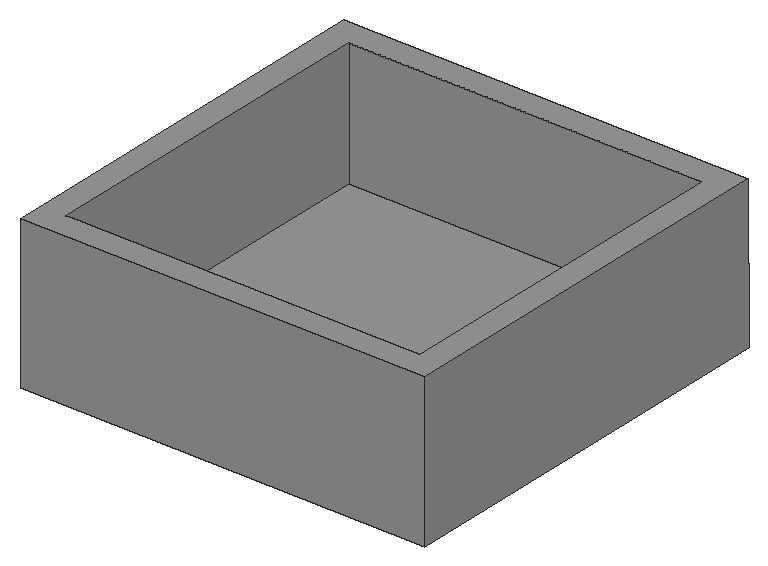
Revit family "Mop_Sink-Willoughby-WMS-323212", category Plumbing Fixtures, Revit 2015
Parameters (values of type "323212")
  Width = 2' - 8"
  Waste DIA = 1 1/2"
  Waste Connection = yes
  Void Width/Depth = Width - 0' 4"  # 2' - 4"
  Void Height = Height - 0' 0 3/16"  # 0' - 11 13/16"
  Vent Connection = no
  URL = "https://www.willoughby-ind.com/wp-content/uploads/2018/01/WMS-MOP-SINK.pdf"
  Revision = "A"
  Model = "WMS-323212"
  Manufacturer = "Willoughby Industries"
  Height = 1' - 0"
  HW Connection = no
  Fixture Body = Stainless Steel AISI 304-Willoughby
  Drain Depth = Depth / 2  # 1' - 4"
  Description = "Mop Sink, 32\" X 32\" X 12\""
  Depth = 2' - 8"
  Default Elevation = 0' - 0"
  Contact = "800-428-4065"
  CW Connection = no
Reference planes (in)
  plane 1 "Center (Front/Back) Floor Level": y = 0
  plane 2: z = 0
  plane 3 "Center (Left/Right)": x = 0
  plane 4 "Left Side": x = -16
  plane 5 "Right Side": x = 16
  plane 6 "Top Of Sink": y = 34
  plane 7 "Bottom Of Sink": y = 22
  plane 8 "Front of sink": z = 24
  plane 9 "Drain": z = 12
Forms (in)
  Extrusion 1, solid, material "Stainless Steel AISI 304-Willoughby" <- "Fixture Body"
    sketch origin (0, 38.25, -14.25) x (0, -1, 0) y (1, 0, 0)
      loop
        line (0, 16) -> (0, -16) -> (32, -16) -> (32, 16) -> (0, 16)
    from 0 to 12 <- "Height"
  Extrusion 2, void
    sketch origin (0, 38.25, 19.75) x (-1, 0, 0) y (0, -1, 0)
      loop
        line (-14, 2) -> (14, 2) -> (14, 30) -> (-14, 30) -> (-14, 2)
    from -32 to 11.8125 <- "Void Height"
  Revolve 3, solid, material "Stainless Steel AISI 304-Willoughby" <- "Fixture Body", detail levels fine
    sketch origin (0, 34, -14.25) x (0, 0, 1) y (0, -1, 0)
      loop
        line (-0.22858, 12) -> (0, 12) -> (0, 15) -> (-0.21521, 15)
        arc (-0.21521, 15) -> (-0.56876, 14.85355) -> (-0.71521, 14.5) r 0.5
        line (-0.71521, 14.5) -> (-0.71521, 12.75) -> (-3.72858, 12.75) -> (-3.72858, 12) -> (-0.22858, 12)
      axis (0, 12) -> (-3.72858, 12)
    angle from 0 to 360
Cuts and joins
  Extrusion 2 cuts Extrusion 1
Lines and regions (in)
  symbolic lines
    curve 1: line (16, 22, 0) -> (-16, 22, 0)
    curve 2: line (-16, 22, 0) -> (-16, 34, 0)
    curve 3: line (-16, 34, 0) -> (16, 34, 0)
    curve 4: line (-16, 34, 24) -> (-16, 34, 0)
    curve 5: line (-16, 34, 0) -> (16, 34, 0)
    curve 6: line (16, 34, 0) -> (16, 34, 24)
    curve 7: line (16, 34, 24) -> (-16, 34, 24)
    curve 14: line (0, 34, 24) -> (0, 22, 24)
    curve 15: line (0, 22, 24) -> (0, 22, 0)
    curve 16: line (0, 22, 0) -> (0, 34, 0)
    curve 17: line (0, 34, 0) -> (0, 34, 24)
    curve 18: arc (0, 22, 15) -> (0, 21.65043, 14.8552) -> (0, 21.50563, 14.50563) r 0.49437
    curve 19: line (0, 21.50563, 14.50563) -> (0, 21.50563, 9.45539)
    curve 20: arc (0, 21.50563, 9.45539) -> (0, 21.66219, 9.1277) -> (0, 22, 8.99438) r 0.49627
    curve 21: line (0, 18.5, 11.25) -> (0, 21.50563, 11.25)
    curve 22: line (0, 18.5, 11.25) -> (0, 18.5, 12.75)
    curve 23: line (0, 18.5, 12.75) -> (0, 21.50563, 12.75)
    curve 24: line (16, 34, 0) -> (16, 22, 0)
  symbolic lines, detail levels medium+fine
    curve 8: line (-14, 34, 22) -> (-14, 34, 2)
    curve 9: line (-14, 34, 2) -> (14, 34, 2)
    curve 10: line (14, 34, 2) -> (14, 34, 22)
    curve 11: line (14, 34, 22) -> (-14, 34, 22)
  symbolic lines, detail levels fine
    curve 12: circle (0, 34, 12) r 0.75 normal (0, 1, 0)
    curve 13: circle (0, 34, 12) r 3 normal (0, 1, 0)
Dimensions and locks (in)
  equal spacing: plane 4 "Left Side", plane 3 "Center (Left/Right)", plane 5 "Right Side"
  "Width": plane 4 "Left Side" to plane 5 "Right Side"
  "Height": plane 6 "Top Of Sink" to plane 7 "Bottom Of Sink"  (x2)
  locked: cut or joined group of Extrusion 1, Extrusion 2 to cut or joined group of Extrusion 1, Extrusion 2 at 2  (x2)
  "Void Width/Depth": Extrusion 2 sketch curve to Extrusion 2 sketch curve  (x2)
  "Depth": cut or joined group of Extrusion 1, Extrusion 2 to cut or joined group of Extrusion 1, Extrusion 2
  aligned and locked: Extrusion 1 to plane 4 "Left Side"
  aligned and locked: Extrusion 1 to plane 5 "Right Side"
  aligned and locked: Revolve 3 sketch curve to Revolve 3 sketch curve  (x2)
Automatic sketch dimensions
  curve 1 to plane 4 "Left Side" = 0' - 0"
  curve 1 to plane 5 "Right Side" = 0' - 0"
  curve 2 to plane 6 "Top Of Sink" = 0' - 0"
  curve 18 to plane 7 "Bottom Of Sink" = 0' - 0"
  curve 17 to plane 6 "Top Of Sink" = 0' - 0"
  curve 17 to level = 0' - 0"
  curve 15 to plane 8 "Front of sink" = 0' - 0"
  curve 19 to plane 7 "Bottom Of Sink" = 0' - 0.49437"
  curve 21 to plane 9 "Drain" = 0' - 0 3/4"
  curve 21 to curve 21 = 0' - 3.00563"
  plane 7 "Bottom Of Sink" to curve 20 = 0' - 0.00064"
  curve 19 to curve 21 = 0' - 1.79461"
  curve 20 to curve 20 = 0' - 0.03526"
  plane 9 "Drain" to curve 23 = 0' - 0 3/4"
  curve 23 to curve 18 = 0' - 1.75563"
  Extrusion 1 sketch curve to plane 5 "Right Side" = 0' - 0"
  Extrusion 1 sketch curve to plane 4 "Left Side" = 0' - 0"
  plane 6 "Top Of Sink" to Extrusion 1 sketch curve = 0' - 4 1/4"
  Extrusion 1 sketch curve to plane 7 "Bottom Of Sink" = 1' - 3 3/4"
  Revolve 3 sketch curve to level = 1' - 5.97858"
  Revolve 3 sketch curve to Revolve 3 sketch curve = 0' - 3.01338"
  Revolve 3 sketch curve to Revolve 3 sketch curve = 0' - 0.48662"
  Revolve 3 sketch curve to Revolve 3 sketch curve = 0' - 0 1/2"
  Revolve 3 sketch curve to Revolve 3 sketch curve = 0' - 0.22858"
  Revolve 3 sketch curve to plane 7 "Bottom Of Sink" = 0' - 0"
  Revolve 3 sketch curve to Revolve 3 sketch curve = 0' - 0 3/4"
  Revolve 3 sketch curve to Revolve 3 sketch curve = 0' - 1 3/4"
  Revolve 3 sketch curve to Revolve 3 sketch curve = 0' - 0.02142"
  curve 12 to curve 13 = 0' - 0"  (x2)
  plane 5 "Right Side" to curve 6 = 0' - 0"
  curve 12 to plane 3 "Center (Left/Right)" = 0' - 0"
  curve 5 to level = 0' - 0"
  plane 4 "Left Side" to curve 5 = 0' - 0"
  curve 12 to plane 9 "Drain" = 0' - 0"
  curve 7 to plane 8 "Front of sink" = 0' - 0"
  plane 5 "Right Side" to curve 9 = 0' - 2"
  curve 11 to plane 4 "Left Side" = 0' - 2"
  level to curve 8 = 0' - 2"
  curve 11 to plane 8 "Front of sink" = 0' - 2"
  curve 2 to plane 7 "Bottom Of Sink" = 0' - 0"
  plane 5 "Right Side" to Extrusion 2 sketch curve = 0' - 2"
  plane 6 "Top Of Sink" to Extrusion 2 sketch curve = 0' - 2 1/4"
  radius of curve 12 = 0' - 0 3/4"
  radius of curve 13 = 0' - 3"
Connectors (in)
  piping at (0, 22, -17.97858), diameter 1.5, driven by "Waste DIA", driven by "Waste Connection"
    settings: on Revolve 3, index 1, connector inside diameter 24", connector length 0' - 0", flow factor 0, pipe flow 0 GPM, pressure drop 0.00 psi, fitting loss kfactor 0, connector angle 0.00°, fixture units 0, engagement length 0' - 0", angle of deflection 0.00°, flow configuration 0, flow direction 2, fitting loss method 0, system type 16, joint type 0, gender type 0, connector reference index -1, connector utility 1, adjustable connector no, is connector primary yes, connector description "Sink Waste"
